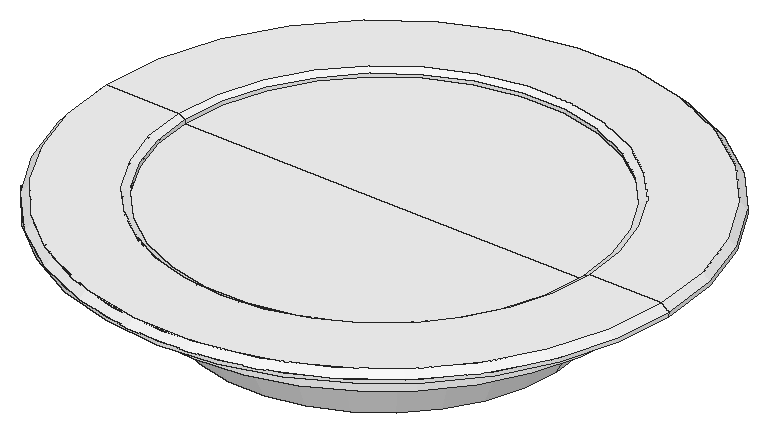
Revit family "0053875 Sylvania Lighting Fixture START eco Downlight Flat 1000lm 830", category Lighting Fixtures, host Face, Revit 2016
Family settings
  Host = Face
  Part Type = Normal
  Round Connector Dimension = Use Diameter
  OmniClass Number = 23.80.70.11.14.11
  OmniClass Title = Downlights
  Cut with Voids When Loaded = No
  Light Source = Yes
  Shared = No
  Room Calculation Point = No
Parameters (values of type "0053875 START eco Downlight Flat 1000lm 830 ")
  Weight = "3.312 kg"
  Wattage Comments = "n/a"
  Wattage = 12 W
  WarrantyStartDate [instance] = "n/a"
  WarrantyGuarantorParts = "n/a"
  WarrantyDurationUnit = "year"
  WarrantyDurationParts = "n/a"
  WarrantyDescription = "n/a"
  built-in parameter 1150110 = 1 (stored number, unit not read)
  Voltage = 230 V
  URL = "http://www.feilosylvania.com"
  TypeName = "START eco Downlight Flat 1000lm 830"
  Type Image = <None>
  Type Comments = "n/a"
  built-in parameter 1114217 = 1 (stored number, unit not read)
  Tilt Angle = -90.00°
  built-in parameter 1150109 = 1 (stored number, unit not read)
  built-in parameter 1150134 = (empty or 0)
  built-in parameter 1150113 = 1 (stored number, unit not read)
  SerialNumber [instance] = "n/a"
  ReflectorMaterial = none
  RecessedHeight_FEILO = 27 mm
  RecessedDiameter_FEILO = 145 mm
  PowerFactor = 0
  PowerConsumption = "12 W"
  Photometric Web File = "0053289.ies"
  NominalLength = 165 mm
  NominalHeight = 27 mm
  NominalDepth = 165 mm
  Name = "START eco Downlight Flat 1000lm 830"
  ModelReference = Name  # "START eco Downlight Flat 1000lm 830"
  ModelNumber = "0053875"
  Model = Name  # "START eco Downlight Flat 1000lm 830"
  Material = "Polycarbonate"
  ManufacturerName = "Feilo Sylvania"
  Manufacturer = "Feilo Sylvania"
  LuminousEfficacy = "69 lm/W"
  built-in parameter 1150105 = 291.5 (stored number, unit not read)
  Lumens = 828 lm
  LuminaireType = "LED recessed downlight"
  built-in parameter 1150115 = 1 (stored number, unit not read)
  LightOutputRatio = "1"
  built-in parameter 1150137 = (empty or 0)
  built-in parameter 1150139 = (empty or 0)
  LampsType = Lamp  # "LED"
  LampNominalLuminous = "825 lm"
  LampMacAdamStep = "5"
  LampColourTemperature = "3000 K"
  LampColourRenderingIndex = "80"
  built-in parameter 1150112 = 1 (stored number, unit not read)
  built-in parameter 1150114 = 1 (stored number, unit not read)
  Lamp = "LED"
  Keynote = "16500"
  InstallationDate [instance] = "n/a"
  InputVoltage = "220-240V~"
  InputNominalFrequency = "50/60 Hz"
  built-in parameter 1150132 = (empty or 0)
  built-in parameter 1150102 = (empty or 0)
  built-in parameter 1150107 = 3000 (stored number, unit not read)
  built-in parameter 1150138 = (empty or 0)
  IngressProtection = "IP20"
  ImpactProtectionIndex = "IK06"
  built-in parameter 1150106 = 2.915 (stored number, unit not read)
  IfcExportType = "IfcLightFixtureType"
  IfcExportAs = "IfcLightFixtureType"
  ExpectedLife = 50000
  Emit from Circle Diameter = BodyLength_FEILO - 48 mm  # 125 mm
  Emit Shape Visible in Rendering = no
  ElectricShockClassification = "Class II"
  built-in parameter 1150104 = 6.4103 (stored number, unit not read)
  DurationUnit = "hours"
  DocumentationLiterature = "http://www.feilosylvania.com/product/en-int/products/0053289"
  DimmingControlOptions = "Non dimmable"
  Dimming Lamp Color Temperature Shift = <None>
  DiffuserMaterial = Diffuser-Sylvania-Glow
  Description = "Integrated round recessed 165mm diameter LED downlight providing uniform distribution with an opal diffuser, 110° beam angle, 825LM, 12W, 69lm/W, 3000K, CRI80, non-dimmable, IP20, IK06, 25,000hrs (L70)"
  Default Elevation = 1219.2 mm
  CutoutHeight_FEILO = RecessedHeight_FEILO + 10 mm  # 37 mm
  CreatedOn = "'03-11-2017"
  CreatedBy = "aron.fodor@feilosylvania.com"
  Cost = 0
  Color Filter = 16777215
  built-in parameter 1114216 [instance] = (empty or 0)
  ClassificationValue = "EF_70_80"
  ClassificationName = "Uniclass2015"
  BodyWidth_FEILO = BodyLength_FEILO  # 173 mm
  BodyMaterial = Body-Sylvania-SylFlatDimmable-White
  BodyLength_FEILO = 173 mm
  BarCode [instance] = "n/a"
  built-in parameter 1114218 = 1 (stored number, unit not read)
  built-in parameter 1150133 = 10 (stored number, unit not read)
  AssetType = "Fixed"
  AssetIdentifier [instance] = "n/a"
  Assembly Code = "D5020200"
  Apparent Load = 0 VA
  AccessoryMaterial = Diffuser-Sylvania-Glow
Reference planes
  plane 1 "Center (Front/Back)": y = 0
  plane 2: z = 0
  plane 3 "Center (Left/Right)": x = 0
  plane 4: x = 86.5
  plane 5: x = -86.5
  plane 6: y = 86.5
  plane 7: y = -86.5
  plane 8: z = 3
  plane 9: z = -27
  plane 10: x = 72.5
  plane 11: x = -72.5
  plane 12: y = 72.5
  plane 13: y = -72.5
  plane 14: z = 2
  plane 15: x = -62.5
  plane 16: z = -27
  plane 17: z = -37
  plane 18: x = -52.5
  plane 19: z = -10
  plane 20: z = 1
  plane 21: x = -84.5
  plane 22: x = -60.5
Forms (mm)
  Revolve 1, void
    sketch origin (0, 0, 0) x (1, 0, 0) y (0, 0, 1)
      loop
        line (0, 0) -> (-72.5, 0) -> (-72.5, -37) -> (0, -37) -> (0, 0)
      axis (0, 0) -> (0, -37)
    angle from 360 to 0
  Revolve 2, solid, material "Body-Sylvania-SylFlatDimmable-White" <- "BodyMaterial"
    sketch origin (0, 0, 0) x (1, 0, 0) y (0, 0, 1)
      loop
        line (0, 1) -> (-60.5, 1) -> (-60.5, 2) -> (-62.5, 3) -> (-84.5, 3) -> (-86.5, 1) -> (-86.5, 0) -> (-72.5, 0) -> (-72.5, -10) -> (-62.5, -10) -> (-52.5, -27) -> (0, -27) -> (0, 1)
      axis (0, 3) -> (0, -27)
    angle from 360 to 0
Dimensions and locks
  equal spacing: plane 5, plane 3 "Center (Left/Right)", plane 4
  equal spacing: plane 7, plane 1 "Center (Front/Back)", plane 6
  "BodyWidth_FEILO": plane 7 to plane 6
  "BodyLength_FEILO": plane 5 to plane 4
  locked: plane 8 to plane 2 at 3
  equal spacing: plane 11, plane 3 "Center (Left/Right)", plane 10
  "RecessedDiameter_FEILO": plane 11 to plane 10
  equal spacing: plane 13, plane 1 "Center (Front/Back)", plane 12
  "RecessedDiameter_FEILO": plane 13 to plane 12
  locked: plane 14 to plane 2 at 2
  locked: plane 15 to plane 5 at 24
  "RecessedHeight_FEILO": plane 2 to plane 16
  "CutoutHeight_FEILO": plane 2 to plane 17
  locked: plane 18 to plane 15 at 10
  locked: plane 2 to plane 19 at 10
  locked: plane 20 to plane 2 at 1
  locked: plane 21 to plane 5 at 2
  locked: plane 22 to plane 15 at 2
  aligned and locked: plane 2 to host face
  aligned and locked: level to host face
  aligned and locked: Revolve 1 sketch curve to plane 3 "Center (Left/Right)"
  aligned and locked: plane 17 to Revolve 1 sketch curve
  aligned and locked: plane 3 "Center (Left/Right)" to Revolve 1 sketch curve
  aligned and locked: Revolve 1 sketch curve to plane 11
  aligned and locked: level to Revolve 1 sketch curve
  aligned and locked: Revolve 2 sketch curve to plane 8
  aligned and locked: plane 5 to Revolve 2 sketch curve
  aligned and locked: Revolve 2 sketch curve to level
  aligned and locked: Revolve 2 sketch curve to plane 11
  aligned and locked: plane 19 to Revolve 2 sketch curve
  aligned and locked: plane 9 to Revolve 2 sketch curve
  aligned and locked: plane 3 "Center (Left/Right)" to Revolve 2 sketch curve
  aligned and locked: Revolve 2 sketch curve to plane 3 "Center (Left/Right)"
  aligned and locked: plane 3 "Center (Left/Right)" to imposter light
  aligned and locked: imposter light to plane 14
  aligned and locked: imposter light to plane 1 "Center (Front/Back)"
  aligned and locked: Revolve 2 sketch curve to plane 20
  aligned and locked: plane 22 to Revolve 2 sketch curve
Automatic sketch dimensions
  host sketch curve to host sketch curve = 2438.4 mm  (x2)
  plane 17 to Revolve 1 sketch curve = 577.6 mm
  Revolve 1 sketch curve to plane 8 = 2606.058 mm
  Revolve 2 sketch curve to plane 21 = 0 mm
  Revolve 2 sketch curve to plane 15 = 0 mm  (x2)
  Revolve 2 sketch curve to plane 14 = 0 mm
  Revolve 2 sketch curve to plane 18 = 0 mm
  Revolve 2 sketch curve to plane 20 = 0 mm
  plane 17 to Revolve 2 sketch curve = 572.6 mm
  Revolve 2 sketch curve to plane 8 = 2606.058 mm
Connectors
  electrical at (0, 0, 0), driven by "Apparent Load", driven by "PowerFactor", driven by "Voltage"
    settings: index 1, voltage 230 V, apparent load 0 VA, apparent load phase1 0 VA, apparent load phase2 0 VA, apparent load phase3 0 VA, power factor 0, load classification "Lighting", number of poles 1, system type 30, power factor state 1, is connector primary yes, connector utility no, sub classification motor no, connector description ""
